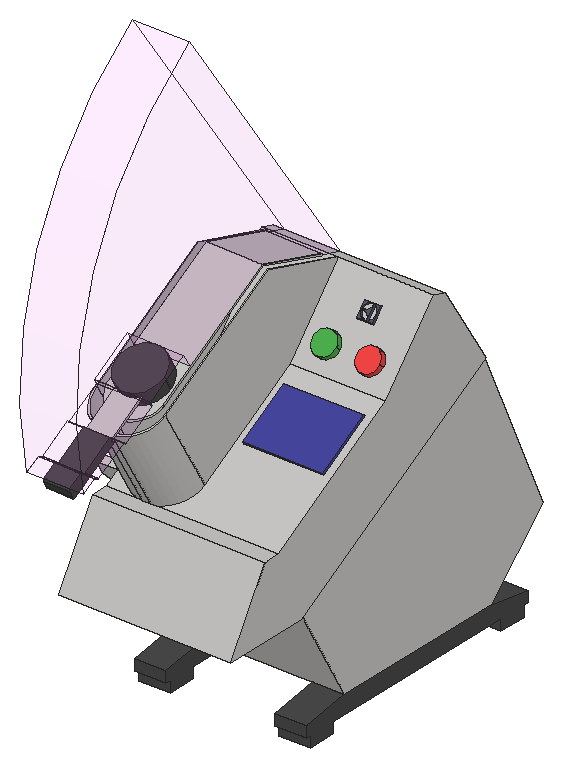
Revit family "QF_ELECTROLUXPROFESSIONAL_600399_TRS3C", category Attrezzature speciali, Revit 2020
Family settings
  Quota connettore circolare = Usa diametro
  Tipo di parte = Normale
  Basato su piano di lavoro = No
  Sempre verticale = Sì
  Taglio con vuoti quando caricato = No
  Condiviso = No
  Punto di calcolo locali = No
Parameters (values of type "Standard")
  Weight = 18.00 kg
  Watts = 370 W
  Volts = 220 V
  URL Manufacturer = "https://www.electroluxprofessional.com/"
  URL = "https://www.electroluxprofessional.com/"
  Steam Supply Size = 0 mm
  Steam Supply Minimum Pressure = 0.0 Pa
  Steam Supply Maximum Pressure = 0.0 Pa
  Steam Consumption per Hour = 0
  Show Logo [instance] = yes
  Show Clearance [instance] = yes
  Refrigeration Suction Line Size = 0 mm
  Refrigeration Liquid Line Size = 0 mm
  Refrigerant Compressor Remote = yes
  Prospetto di default = 0 mm
  Produttore = "Electrolux Professional"
  Phase = 3
  Modello = "TRS3C"
  Length Actual = 246 mm  # constant formula
  Item Number = "600399"
  Hot Water Size = 0 mm
  Height Actual = 466 mm  # constant formula
  HP = "0.5 HP"
  Gas Size = 0 mm
  Gas KW = 0
  Gas Input Pressure = 0 W
  Direct Waste Size = 0 mm
  Descrizione = "VEG.BENCH CUTTER+EJECTOR-230-400/3/50-60"
  Depth Actual = 557 mm  # constant formula
  Cycle = 50 Hz
  Condensate Return Size = 0 mm
  Compressed Air Volume = 0.0 L/s
  Compressed Air Size = 0 mm
  Compressed Air Pressure = 0.0 Pa
  Cold Water Size = 0 mm
  Accessory = yes
Reference planes
  plane 1 "Center (Front/Back)": y = 0
  plane 2: z = 0
  plane 3 "Center (Left/Right)": x = 0
  plane 4 "BASE": z = 200
  plane 5 "TOP": z = 466
  plane 6 "FRONT": y = -217
  plane 7 "BACK": y = 340
  plane 8 "LEFT": x = -246
  plane 9 "RIGHT": x = -123
  plane 10 "PANEL": through (4267.2, 267.007, 504.294) normal (0, 0.3907, -0.9205)
  plane 11: z = 760
  plane 12: z = 320
  plane 13: x = -138
  plane 14: through (-121, -2919.827, 2381.84) normal (0, -0.6018, -0.7986)
  plane 15: through (-121, -2736.832, 2624.682) normal (0, -0.6018, -0.7986)
Forms (mm)
  Extrusion 1, solid, material "QF_Finishes_Black"
    sketch origin (0, 123, 0) x (0, -1, 0) y (0, 0, -1)
      loop
        line (94.471, -36.549) -> (153.732, -27.163) -> (153.732, -13.973) -> (147.154, -13.973) -> (147.154, 0) -> (112.154, 0) -> (112.154, -13.973) -> (-152.212, -13.973) -> (-152.212, 0) -> (-187.212, 0) -> (-187.212, -13.973) -> (-193.79, -13.973) -> (-193.79, -27.163) -> (-134.529, -36.549) -> (94.471, -36.549)
    from 0 to -40
  Extrusion 2, solid, material "QF_Finishes_Stainless Steel"
    sketch origin (-216, 123, 0) x (0, -1, 0) y (0, 0, 1)
      loop
        line (93.46, 36.549) -> (160.039, 151.867) -> (-127.073, 317.631) -> (-217, 115.653) -> (-135.029, 36.549) -> (93.46, 36.549)
    from 0 to -216
  Extrusion 3, solid, material "QF_Finishes_Stainless Steel"
    sketch origin (-216, 123, 262.296) x (0, -1, 0) y (0, 0, 1)
      loop
        line (-127.388, 55.517) -> (162.427, -111.808) -> (271.802, -111.808) -> (219.868, -21.855) -> (197.396, -21.855) -> (28.521, 75.645) -> (-46.926, 162.436) -> (-63.802, 157.277) -> (-127.388, 55.517)
    from 0 to -216
  Extrusion 4, solid, material "QF_Finishes_Black"
    sketch origin (-176, 123, 0) x (0, -1, 0) y (0, 0, -1)
      loop
        line (94.471, -36.549) -> (153.732, -27.163) -> (153.732, -13.973) -> (147.154, -13.973) -> (147.154, 0) -> (112.154, 0) -> (112.154, -13.973) -> (-152.212, -13.973) -> (-152.212, 0) -> (-187.212, 0) -> (-187.212, -13.973) -> (-193.79, -13.973) -> (-193.79, -27.163) -> (-134.529, -36.549) -> (94.471, -36.549)
    from 0 to -40
  Extrusion 5, solid, material "QF_Finishes_Stainless Steel"
    sketch origin (-490.404, 173.395, 441.028) x (-1, 0, 0) y (0, -0.529919, 0.848048)
      loop
        line (-392.404, -132.714) -> (-392.404, -152.714) -> (-372.404, -152.714) -> (-372.404, -132.714) -> (-392.404, -132.714)
    from 0 to 2
  Extrusion 6, solid, material "QF_Finishes_Stainless Steel"
    sketch origin (-216, 247.308, 495.458) x (0, -0.866025, -0.5) y (-1, 0, 0)
      loop
        line (366.112, -5.041) -> (103.685, -5.041) -> (103.685, -7.041) -> (364.112, -7.041)
        arc (364.112, -7.041) -> (392.396, -18.757) -> (404.112, -47.041) r 40
        line (404.112, -47.041) -> (404.112, -53.041)
        arc (404.112, -53.041) -> (392.396, -81.326) -> (364.112, -93.041) r 40
        line (364.112, -93.041) -> (103.685, -93.041) -> (103.685, -95.041) -> (366.112, -95.041)
        arc (366.112, -95.041) -> (394.396, -83.326) -> (406.112, -55.041) r 40
        line (406.112, -55.041) -> (406.112, -45.041)
        arc (406.112, -45.041) -> (394.396, -16.757) -> (366.112, -5.041) r 40
    from 60 to -60
  Extrusion 7, void
    sketch origin (-216, 123, 0) x (0, -1, 0) y (0, 0, 1)
      loop
        line (79.644, 463.429) -> (-6.545, 511.204) -> (-63.802, 419.573) -> (-104.041, 355.176) -> (18.102, 278.852) -> (28.521, 337.941) -> (-46.926, 424.732) -> (79.644, 463.429)
    from 19 to -118
  Extrusion 8, solid, material "QF_Finishes_Stainless Steel"
    sketch origin (-216, 123, 0) x (0, -1, 0) y (0, 0, 1)
      loop
        line (264.063, 340.515) -> (58.672, 459.097) -> (-34.568, 430.591) -> (-33.786, 428.75) -> (58.412, 456.937) -> (263.063, 338.783) -> (264.063, 340.515)
    from -14.228 to -85.286
  Extrusion 9, void
    sketch origin (-216, 312.723, 516.165) x (-1, 0, 0) y (0, -1, 0)
      loop
        line (-12.905, 396.308) -> (6.939, 396.308) -> (6.939, 476.85) -> (-103.061, 476.85) -> (-103.061, 396.308) -> (-86.45, 396.308)
        arc (-86.45, 396.308) -> (-76.793, 419.808) -> (-53.329, 429.553) r 33.121
        line (-53.329, 429.553) -> (-46.025, 429.553)
        arc (-46.025, 429.553) -> (-22.562, 419.808) -> (-12.905, 396.308) r 33.121
    from 60 to -198.533
  Extrusion 10, solid, material "QF_Finishes_Black"
    sketch origin (-216, 246.158, 587.17) x (0, -0.866025, -0.5) y (-1, 0, 0)
      loop
        circle (382.469, -50.975) r 30
    from 0 to 20
  Extrusion 11, solid, material "QF_Finishes_Stainless Steel"
    sketch origin (-216, -185.302, -32.404) x (0, -1, 0) y (0, 0, 1)
      loop
        line (-34.286, 382.647) -> (-86.832, 412.985) -> (-87.832, 411.253) -> (-35.286, 380.915) -> (-34.286, 382.647)
    from -34.786 to -67.408
  Extrusion 12, solid, material "QF_Finishes_Black"
    sketch origin (-216, -238.324, -61.918) x (0, -1, 0) y (0, 0, 1)
      loop
        line (-45.479, 392.574) -> (-85.332, 415.583) -> (-90.283, 407.008) -> (-30.076, 372.247)
        arc (-30.076, 372.247) -> (-28.179, 371.997) -> (-26.661, 373.162) r 2.5
        line (-26.661, 373.162) -> (-21.514, 382.077)
        arc (-21.514, 382.077) -> (-21.264, 383.974) -> (-22.429, 385.492) r 2.5
        line (-22.429, 385.492) -> (-39.319, 395.243)
        arc (-39.319, 395.243) -> (-40.078, 395.343) -> (-40.685, 394.877) r 1
        line (-40.685, 394.877) -> (-41.381, 393.672)
        arc (-41.381, 393.672) -> (-43.202, 392.274) -> (-45.479, 392.574) r 3
    from -34.786 to -67.408
  Extrusion 13, solid, material "QF_Finishes_Door Clearance", visible <- "Show Clearance"
    sketch origin (-216, 123, 0) x (0, -1, 0) y (0, 0, 1)
      loop
        line (-63.802, 419.573) -> (-33.786, 428.75) -> (-34.568, 430.591) -> (58.672, 459.097) -> (172.089, 393.616) -> (182.089, 410.936) -> (234.05, 380.936) -> (230.752, 375.222) -> (274.016, 350.244) -> (275.992, 353.665) -> (315.879, 330.636)
        arc (315.879, 330.636) -> (318.126, 330.34) -> (319.924, 331.72) r 2.96
        line (319.924, 331.72) -> (320.639, 332.959)
        arc (320.639, 332.959) -> (321.246, 333.425) -> (322.005, 333.325) r 1
        line (322.005, 333.325) -> (340, 322.936)
        arc (340, 322.936) -> (324.321, 567.07) -> (173.904, 760) r 415.204
        line (173.904, 760) -> (-63.802, 419.573)
    from -14.228 to -85.286
  Extrusion 14, solid, material "QF_Finishes_Stainless Steel"
    sketch origin (0, 3.988, 49.884) x (-1, 0, 0) y (0, -0.5, 0.866025)
      loop
        line (216, 200) -> (216, 157.393) -> (246, 180) -> (246, 200) -> (216, 200)
    from 60 to 50
  Extrusion 15, solid, material "QF_Finishes_Stainless Steel"
    sketch origin (0, 325.456, 235.483) x (-1, 0, 0) y (0, 0.5, -0.866025)
      loop
        line (216, -200) -> (246, -200) -> (246, -180) -> (216, -157.393) -> (216, -200)
    from 60 to 50
Cuts and joins
  Extrusion 7 cuts Extrusion 6
  Extrusion 9 cuts Extrusion 8
Dimensions and locks
  plane 8 "LEFT" to plane 9 "RIGHT" = 123 mm
  plane 7 "BACK" to plane 6 "FRONT" = 557 mm  (x2)
  plane 4 "BASE" to level = 200 mm
  plane 5 "TOP" to level = 466 mm  (x3)
  plane 11 to level = 760 mm
  plane 3 "Center (Left/Right)" to plane 8 "LEFT" = 246 mm
  plane 12 to level = 320 mm
  aligned and locked: level to plane 2
Nested families
  nested 1: "ELX_LOGO_MONO_SMALL - BLUE" at (-70.42, 111.955, 358.044) x (-1, 0, 0) z (0, -0.7547, 0.6561), visible <- "Show Logo", Show Logo <- "Show Logo", type "ELX_LOGO_MONO_SMALL - BLUE"
    with Show Logo yes
  nested 2: "Tastiera con bottoni" at (-60.959, 41.844, 307.552) x (-1, 0, 0) z (0, -0.5, 0.866), type "Tastiera con bottoni"
Connectors
  electrical at (-108, 249.022, 320)
    settings: on Extrusion 5, index 18, voltage 0 V, apparent load 0 VA, apparent load phase1 0 VA, apparent load phase2 0 VA, apparent load phase3 0 VA, power factor 1, load classification "Altro", number of poles 1, system type 30, power factor state 1, is connector primary yes, connector utility no, sub classification motor no, connector description ""
Definition of nested family "ELX_LOGO_MONO_SMALL - BLUE"
  Parameters (values of type "ELX_LOGO_MONO_SMALL - BLUE")
    Show Logo [instance] = yes
    Default Elevation = 1219.2 mm
  Reference planes
    plane 1 "Center (Front/Back)": y = -49
    plane 2: z = 0
    plane 3 "Center (Left/Right)": x = -9.92
  Forms (mm)
    Extrusion 1, solid
      sketch origin (0, 0, 0) x (1, 0, 0) y (0, 1, 0)
        loop
          line (-1219.2, 1219.2) -> (-1219.2, -1219.2) -> (1219.2, -1219.2) -> (1219.2, 1219.2) -> (-1219.2, 1219.2)
      from 0 to -304.8
    Extrusion 2, solid, visible <- "Show Logo"
      sketch origin (84.462, 509.781, 0) x (1, 0, 0) y (0, 1, 0)
        loop
          line (-97.132, -567.787) -> (-97.132, -549.816)
          arc (-97.132, -549.816) -> (-103.775, -558.801) -> (-97.132, -567.787) r 9.398
        loop
          arc (-96.218, -567.787) -> (-88.745, -566.088) -> (-85.144, -559.322) r 9.21
          line (-85.144, -559.322) -> (-88.117, -559.322)
          arc (-88.117, -559.322) -> (-93.428, -561.478) -> (-96.218, -566.485) r 8.633
          line (-96.218, -566.485) -> (-96.218, -567.787)
        loop
          arc (-96.218, -551.117) -> (-93.428, -556.124) -> (-88.117, -558.28) r 8.633
          line (-88.117, -558.28) -> (-85.144, -558.28)
          arc (-85.144, -558.28) -> (-88.739, -551.459) -> (-96.218, -549.585) r 9.451
          line (-96.218, -549.585) -> (-96.218, -551.117)
        loop
          line (-84.462, -568.767) -> (-84.462, -548.794) -> (-104.462, -548.794) -> (-104.462, -568.767) -> (-84.462, -568.767)
      from 0 to 1.644
  Dimensions and locks
    aligned and locked: plane 2 to Extrusion 1
    aligned and locked: level to Extrusion 1
Definition of nested family "Tastiera con bottoni"
  Parameters (values of type "Tastiera con bottoni")
    Default Elevation = 1219.2 mm
  Reference planes
    plane 1 "Centro (Fronte/Retro)": y = 0
    plane 2: z = 0
    plane 3 "Centro (Sinistra/Destra)": x = 0
  Forms (mm)
    Extrusion 1, solid
      sketch origin (0, 0, 0) x (1, 0, 0) y (0, 1, 0)
        loop
          line (-1219.2, 1219.2) -> (-1219.2, -1219.2) -> (1219.2, -1219.2) -> (1219.2, 1219.2) -> (-1219.2, 1219.2)
      from 0 to -304.8
    Extrusion 2, solid
      sketch origin (-27.5, -202.135, 50.196) x (1, 0, 0) y (0, 0.945519, -0.325568)
        loop
          circle (0, 119.355) r 15
      from 0 to 7
    Extrusion 3, solid
      sketch origin (27.5, -202.135, 50.196) x (-1, 0, 0) y (0, -0.945519, 0.325568)
        loop
          circle (0, -119.355) r 15
      from 0 to 7
    Extrusion 4, solid
      sketch origin (-99.677, -52.5, 0) x (0, 1, 0) y (0, 0, 1)
        loop
          line (15, 0) -> (90, 0) -> (90, 2) -> (15, 2) -> (15, 0)
      from 49.354 to 150
  Dimensions and locks
    aligned and locked: plane 2 to Extrusion 1
    aligned and locked: level to Extrusion 1
